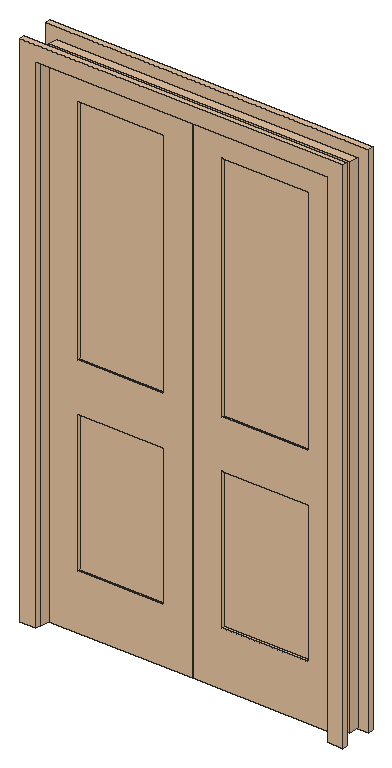
Revit family "M_Porta-Interna-Postiço-2-Duplo_Painel-Madeira", category Portas, Revit 2019
Family settings
  Hospedeiro = Parede
  Número OmniClass = 23.30.10.00
  Título OmniClass = Doors
  Sempre na vertical = Sim
  Corte com vazios quando carregada = Não
  Compartilhado = Não
  Ponto de cálculo do ambiente = Não
Parameters
  Visual Light Transmittance = 0
  Material da apara = Cerejeira
  Corrimão superior = 120 mm
  Espessura = 35 mm
  Resistência térmica (R) = 0.455703 (m²·K)/W
  Estilos = 120 mm
  Solar Heat Gain Coefficient = 0
  Rough Width = (Width * 2) + 50 mm  # 2450 mm
  Rough Height = Height + 115 mm  # 2215 mm
  Largura do painel = Width / 2  # 600 mm
  Painel aberto [instance] = no
  Material do painel = Cerejeira
  Bloquear corrimão = 200 mm
  Localização [instance] = if(Painel aberto, 25 mm, Largura do painel + 25 mm)  # 625 mm
  Height = 2100 mm
  Fechamento da parede = Por hospedeiro
  Width = 1200 mm
  Coeficiente de transferência de calor (U) = 2.19465 W/(m²·K)
  Função = Interior
  Material da moldura = Cerejeira
  Corrimão inferior = 230 mm
  Código de montagem = "C1020300"
  Construção analítica = "Madeira"
Reference planes
  plane 1 "Centro (Frente/Trás)": y = 0
  plane 2 "Centro (Esquerda/Direita)": x = 0
  plane 3 "Esquerda": x = -625.4
  plane 4 "Direita": x = 508
  plane 5 "Superior": z = 2125.4
  plane 6 "Exterior": y = 57.15
  plane 7 "Interior": y = -57.15
  plane 8 "Painel esquerdo da porta": x = -600
  plane 9 "Painel direito da porta": x = 625.4
  plane 10 "Topo do painel": z = 2100
  plane 11: z = 0
  plane 12: z = 0
  plane 13: x = 501.65
  plane 14: y = 19.05
  plane 15: y = -15.875
  plane 16: y = 17.5
  plane 17: z = 230
  plane 18: z = 1980
  plane 19: z = 814.4
  plane 20: z = 1014.4
  plane 21: z = 914.4
  plane 22: y = -17.5
  plane 23: y = -5.833
  plane 24: y = 5.833
  plane 25: x = 1225
  plane 26: x = 600
  plane 27: x = 600
  plane 28: x = 0
  plane 29: x = 480
  plane 30: x = 120
  plane 31: z = 1497.2
  plane 32: x = -1225
  plane 33: x = -600
  plane 34: x = 0
  plane 35: x = -480
  plane 36: x = -120
  plane 37: z = 0
Forms (mm)
  Sweep 1, solid, material "Cerejeira" <- "Material da moldura"
    path origin (25.4, 0, 0) x (1, 0, 0) y (0, 0, 1)
      loop
        line (600, 2125.4) -> (-650.8, 2125.4) -> (-650.8, 0)
    profile origin (-625.4, 0, 1062.7) x (0, -1, 0) y (1, 0, 0)
      loop
        line (-57.15, 0) -> (-17.5, 0) -> (-17.5, 25.4) -> (-57.15, 25.4) -> (-57.15, 0)
      loop
        line (57.15, 25.4) -> (17.5, 25.4) -> (17.5, 0) -> (57.15, 0) -> (57.15, 25.4)
  Sweep 2, solid, material "Cerejeira" <- "Material da apara", detail levels fine
    path origin (25.4, 57.15, 0) x (1, 0, 0) y (0, 0, 1)
      loop
        line (574.6, 0) -> (574.6, 2100) -> (-625.4, 2100) -> (-625.4, 0)
    profile "Perfil de caixa-plano : 20 x 65mm" origin (600, 57.15, 1050) x (-1, 0, 0) y (0, -1, 0)
      loop
        line (-6.35, -20) -> (-6.35, 0) -> (-71.35, 0) -> (-71.35, -20) -> (-6.35, -20)
  Sweep 3, solid, material "Cerejeira" <- "Material da apara", detail levels fine
    path origin (25.4, -57.15, 0) x (1, 0, 0) y (0, 0, 1)
      loop
        line (574.6, 0) -> (574.6, 2100) -> (-625.4, 2100) -> (-625.4, 0)
    profile "Perfil de caixa-plano : 20 x 65mm" origin (600, -57.15, 1050) x (-1, 0, 0) y (0, -1, 0)
      loop
        line (-6.35, 20) -> (-71.35, 20) -> (-71.35, 0) -> (-6.35, 0) -> (-6.35, 20)
  Extrusion 4, solid, material "Cerejeira" <- "Material do painel"
    sketch origin (914.4, 0, 0) x (1, 0, 0) y (0, 0, 1)
      loop
        line (-314.4, 2100) -> (-914.4, 2100) -> (-914.4, 0) -> (-314.4, 0) -> (-314.4, 2100)
      loop
        line (-434.4, 1980) -> (-794.4, 1980) -> (-794.4, 1014.4) -> (-434.4, 1014.4) -> (-434.4, 1980)
      loop
        line (-434.4, 814.4) -> (-794.4, 814.4) -> (-794.4, 230) -> (-434.4, 230) -> (-434.4, 814.4)
    from -17.5 to 17.5
  Extrusion 5, solid, material "Cerejeira" <- "Material do painel"
    sketch origin (25.4, 57.15, 0) x (1, 0, 0) y (0, 0, 1)
      loop
        line (454.6, 1980) -> (94.6, 1980) -> (94.6, 1014.4) -> (454.6, 1014.4) -> (454.6, 1980)
      loop
        line (454.6, 814.4) -> (94.6, 814.4) -> (94.6, 230) -> (454.6, 230) -> (454.6, 814.4)
    from 51.317 to 62.983
  Extrusion 6, void
    sketch origin (0, 0, 0) x (1, 0, 0) y (0, 1, 0)
      loop
        line (625.4, 20.675) -> (625.4, 57.15) -> (-625.4, 57.15) -> (-625.4, 20.675) -> (-1225, 20.675) -> (-1225, -20.675) -> (-625.4, -20.675) -> (-625.4, -57.15) -> (625.4, -57.15) -> (625.4, -20.675) -> (1225, -20.675) -> (1225, 20.675) -> (625.4, 20.675)
    from 0 to 2125.4
  Extrusion 7, solid, material "Cerejeira" <- "Material da moldura"
    sketch origin (25.4, 0, 0) x (1, 0, 0) y (0, 1, 0)
      loop
        line (574.6, 57.15) -> (574.6, 17.5) -> (600, 17.5) -> (600, 57.15) -> (574.6, 57.15)
      loop
        line (574.6, -17.5) -> (574.6, -57.15) -> (600, -57.15) -> (600, -17.5) -> (574.6, -17.5)
    from 0 to 2125.4
  Extrusion 8, solid, material "Cerejeira" <- "Material do painel"
    sketch origin (406.4, 0, 0) x (1, 0, 0) y (0, 0, 1)
      loop
        line (-406.4, 2100) -> (-1006.4, 2100) -> (-1006.4, 0) -> (-406.4, 0) -> (-406.4, 2100)
      loop
        line (-526.4, 1980) -> (-886.4, 1980) -> (-886.4, 1014.4) -> (-526.4, 1014.4) -> (-526.4, 1980)
      loop
        line (-526.4, 814.4) -> (-886.4, 814.4) -> (-886.4, 230) -> (-526.4, 230) -> (-526.4, 814.4)
    from -17.5 to 17.5
  Extrusion 9, solid, material "Cerejeira" <- "Material do painel"
    sketch origin (-558.8, 57.15, 0) x (1, 0, 0) y (0, 0, 1)
      loop
        line (438.8, 1980) -> (78.8, 1980) -> (78.8, 1014.4) -> (438.8, 1014.4) -> (438.8, 1980)
      loop
        line (438.8, 814.4) -> (78.8, 814.4) -> (78.8, 230) -> (438.8, 230) -> (438.8, 814.4)
    from 51.317 to 62.983
Cuts and joins
  joined: Sweep 1, Extrusion 7
Lines and regions (mm)
  Masking region 1
    outline origin (0, 0, 0) x (1, 0, 0) y (0, 1, 0)
      loop
        line (-625.4, 57.15) -> (-625.4, 17.5) -> (-600, 17.5) -> (-600, 57.15) -> (-625.4, 57.15)
      loop
        line (-625.4, -57.15) -> (-600, -57.15) -> (-600, -17.5) -> (-625.4, -17.5) -> (-625.4, -57.15)
      loop
        line (625.4, 57.15) -> (600, 57.15) -> (600, 17.5) -> (625.4, 17.5) -> (625.4, 57.15)
      loop
        line (625.4, -57.15) -> (625.4, -17.5) -> (600, -17.5) -> (600, -57.15) -> (625.4, -57.15)
  Masking region 2, detail levels fine
    outline origin (25.4, 0, 0) x (1, 0, 0) y (0, 1, 0)
      loop
        line (-696.75, 77.15) -> (-696.75, 57.15) -> (-631.75, 57.15) -> (-631.75, 77.15) -> (-696.75, 77.15)
      loop
        line (-696.75, -57.15) -> (-696.75, -77.15) -> (-631.75, -77.15) -> (-631.75, -57.15) -> (-696.75, -57.15)
      loop
        line (580.95, 77.15) -> (580.95, 57.15) -> (645.95, 57.15) -> (645.95, 77.15) -> (580.95, 77.15)
      loop
        line (580.95, -57.15) -> (580.95, -77.15) -> (645.95, -77.15) -> (645.95, -57.15) -> (580.95, -57.15)
  Masking region 3
    outline origin (819.15, 0, 0) x (1, 0, 0) y (0, 1, 0)
      loop
        line (-819.15, 17.5) -> (-819.15, -17.5) -> (-219.15, -17.5) -> (-219.15, 17.5) -> (-819.15, 17.5)
  Masking region 4
    outline origin (361.95, 0, 0) x (1, 0, 0) y (0, 1, 0)
      loop
        line (-961.95, 17.5) -> (-961.95, -17.5) -> (-361.95, -17.5) -> (-361.95, 17.5) -> (-961.95, 17.5)
  symbolic lines, style "Giro da planta"
    curve 1: line (-58.239, 57.15, 1512.094) -> (-7.439, 57.15, 1512.094)
    curve 2: line (76.2, 57.15, 1512.094) -> (58.239, 57.15, 1530.054)
    curve 3: line (58.239, 57.15, 1530.054) -> (58.239, 57.15, 1494.133)
    curve 4: line (76.2, 57.15, 1512.094) -> (58.239, 57.15, 1494.133)
    curve 11: line (-76.2, 57.15, 1512.094) -> (-58.239, 57.15, 1530.054)
    curve 12: line (-58.239, 57.15, 1530.054) -> (-58.239, 57.15, 1494.133)
    curve 13: line (-76.2, 57.15, 1512.094) -> (-58.239, 57.15, 1494.133)
    curve 14: line (7.439, 57.15, 1512.094) -> (58.239, 57.15, 1512.094)
  symbolic lines, style "Giro da planta", not visible
    curve 5: line (-54.26, 57.15, 1328.364) -> (-3.46, 57.15, 1328.364)
    curve 6: line (80.18, 57.15, 1328.364) -> (62.219, 57.15, 1346.324)
    curve 7: line (62.219, 57.15, 1346.324) -> (62.219, 57.15, 1310.403)
    curve 8: line (80.18, 57.15, 1328.364) -> (62.219, 57.15, 1310.403)
    curve 15: line (-72.22, 57.15, 1328.364) -> (-54.26, 57.15, 1346.324)
    curve 16: line (-54.26, 57.15, 1346.324) -> (-54.26, 57.15, 1310.403)
    curve 17: line (-72.22, 57.15, 1328.364) -> (-54.26, 57.15, 1310.403)
    curve 18: line (11.419, 57.15, 1328.364) -> (62.219, 57.15, 1328.364)
  symbolic lines, style "InvisibleLines"
    curve 9: line (0, 57.15, 1512.094) -> (0, 57.15, 1524.794)
  symbolic lines, style "InvisibleLines", not visible
    curve 10: line (3.98, 57.15, 1328.364) -> (3.98, 57.15, 1341.064)
Text (mm)
  text "Exterior" at (-1904.17, 693.701, 0), in view "Nível de referência"
  text "Interior" at (-1904.17, -638.649, 0), in view "Nível de referência"
  text "Exterior" at (0, 1019.848, 3124.603), in view "Direita"
  text "Interior" at (0, -1635.541, 3124.603), in view "Direita"
  text "Interior" at (0, -787.806, 3124.376), in view "Esquerda"
  text "Exterior" at (0, 1386.095, 3124.376), in view "Esquerda"
Dimensions and locks
  "Height": level to plane 10 "Topo do painel"
  "Corrimão superior": plane 18 to plane 10 "Topo do painel"
  "Bloquear corrimão": plane 19 to plane 20
  locked: plane 12 to plane 21 at 914.4
  equal spacing: plane 19, plane 21, plane 20
  "Corrimão inferior": plane 17 to plane 11
  "Espessura": plane 16 to plane 22
  equal spacing: plane 16, plane 24, plane 23, plane 22
  locked: plane 3 "Esquerda" to plane 8 "Painel esquerdo da porta" at 25.4
  plane 26 to plane 9 "Painel direito da porta" = 25.4 mm
  locked: plane 10 "Topo do painel" to plane 5 "Superior" at 25.4
  "Localização": plane 27 to plane 25
  "Largura do painel": plane 28 to plane 27
  "Estilos": plane 29 to plane 27
  "Estilos": plane 28 to plane 30
  equal spacing: plane 16, plane 1 "Centro (Frente/Trás)", plane 22
  equal spacing: plane 7 "Interior", plane 1 "Centro (Frente/Trás)", plane 6 "Exterior"
  locked: Extrusion 6 sketch curve to plane 16 at 3.175  (x2)
  locked: plane 22 to Extrusion 6 sketch curve at 3.175  (x2)
  equal spacing: plane 20, plane 31, plane 18
  "Localização": plane 32 to plane 33
  "Rough Width": plane 32 to plane 25
  equal spacing: plane 32, plane 2 "Centro (Esquerda/Direita)", plane 25
  "Largura do painel": plane 33 to plane 34
  "Estilos": plane 33 to plane 35
  "Estilos": plane 36 to plane 34
  "Width": plane 8 "Painel esquerdo da porta" to plane 26
  equal spacing: plane 8 "Painel esquerdo da porta", plane 2 "Centro (Esquerda/Direita)", plane 26
  plane 33 to plane 3 "Esquerda" = 25.4 mm
  plane 12 to plane 37 = 0 mm
  aligned and locked: plane 7 "Interior" to host wall
  aligned and locked: Sweep 1 sketch curve to plane 3 "Esquerda"
  aligned and locked: plane 11 to level
  aligned and locked: Sweep 2 sketch curve to plane 8 "Painel esquerdo da porta"
  aligned and locked: Sweep 2 sketch curve to plane 10 "Topo do painel"
  aligned and locked: plane 10 "Topo do painel" to Sweep 3 sketch curve
  aligned and locked: plane 8 "Painel esquerdo da porta" to Sweep 3 sketch curve
  aligned and locked: Masking region 1 sketch curve to plane 3 "Esquerda"
  aligned and locked: Masking region 1 sketch curve to plane 7 "Interior"
  aligned and locked: plane 6 "Exterior" to Masking region 1 sketch curve
  aligned and locked: Masking region 2 sketch curve to Sweep 2  (x6)
  aligned and locked: Masking region 2 sketch curve to plane 6 "Exterior"  (x2)
  aligned and locked: plane 7 "Interior" to Masking region 2 sketch curve  (x2)
  aligned and locked: Masking region 2 sketch curve to Sweep 3  (x6)
  aligned and locked: plane 20 to Extrusion 4 sketch curve
  aligned and locked: Extrusion 4 sketch curve to plane 19
  aligned and locked: Extrusion 5 sketch curve to plane 18
  aligned and locked: plane 20 to Extrusion 5 sketch curve
  aligned and locked: Extrusion 5 sketch curve to plane 19
  aligned and locked: plane 17 to Extrusion 5 sketch curve
  aligned and locked: Extrusion 5 to plane 24
  aligned and locked: Extrusion 4 to plane 16
  aligned and locked: Extrusion 5 to plane 23
  aligned and locked: Extrusion 4 to plane 22
  aligned and locked: Masking region 3 sketch curve to plane 22
  aligned and locked: Masking region 3 sketch curve to plane 16
  aligned and locked: Extrusion 6 sketch curve to plane 3 "Esquerda"
  aligned and locked: plane 6 "Exterior" to Extrusion 6 sketch curve
  aligned and locked: Extrusion 6 sketch curve to plane 7 "Interior"
  aligned and locked: Sweep 1 sketch curve to plane 5 "Superior"
  aligned and locked: plane 16 to Masking region 1 sketch curve  (x2)
  aligned and locked: plane 22 to Masking region 1 sketch curve  (x2)
  aligned and locked: Extrusion 7 sketch curve to plane 7 "Interior"
  aligned and locked: Extrusion 7 sketch curve to plane 16
  aligned and locked: plane 22 to Extrusion 7 sketch curve
  aligned and locked: Extrusion 7 to plane 5 "Superior"
  aligned and locked: Sweep 1 sketch curve to plane 8 "Painel esquerdo da porta"
  aligned and locked: plane 3 "Esquerda" to Sweep 1 sketch curve
  aligned and locked: plane 25 to Extrusion 6 sketch curve
  aligned and locked: plane 26 to Masking region 1 sketch curve  (x2)
  aligned and locked: Masking region 1 sketch curve to plane 9 "Painel direito da porta"  (x2)
  aligned and locked: Extrusion 7 sketch curve to plane 26  (x2)
  aligned and locked: plane 9 "Painel direito da porta" to Extrusion 7 sketch curve  (x2)
  aligned and locked: plane 9 "Painel direito da porta" to Extrusion 6 sketch curve  (x2)
  aligned and locked: plane 26 to Sweep 3 sketch curve
  aligned and locked: plane 26 to Sweep 2 sketch curve
  aligned and locked: Masking region 3 sketch curve to plane 28
  aligned and locked: plane 27 to Masking region 3 sketch curve
  aligned and locked: Extrusion 4 sketch curve to plane 27
  aligned and locked: plane 29 to Extrusion 4 sketch curve
  aligned and locked: Extrusion 4 sketch curve to Extrusion 4 sketch curve  (x2)
  aligned and locked: Extrusion 4 sketch curve to plane 30
  aligned and locked: plane 28 to Extrusion 4 sketch curve
  aligned and locked: plane 29 to Extrusion 5 sketch curve
  aligned and locked: Extrusion 5 sketch curve to plane 30
  aligned and locked: Extrusion 5 sketch curve to Extrusion 5 sketch curve  (x2)
  aligned and locked: Extrusion 6 to plane 5 "Superior"
  aligned and locked: Sweep 1 sketch curve to plane 6 "Exterior"
  aligned and locked: plane 7 "Interior" to Sweep 1 sketch curve
  aligned and locked: curve 9 to plane 2 "Centro (Esquerda/Direita)"
  aligned and locked: Extrusion 6 sketch curve to plane 32
  aligned and locked: Masking region 4 to plane 34
  aligned and locked: plane 33 to Masking region 4
  aligned and locked: Extrusion 8 sketch curve to Extrusion 8 sketch curve  (x2)
  aligned and locked: plane 34 to Extrusion 8 sketch curve
  aligned and locked: plane 36 to Extrusion 8 sketch curve
  aligned and locked: Extrusion 8 sketch curve to plane 35
  aligned and locked: Extrusion 8 sketch curve to plane 33
  aligned and locked: Extrusion 9 sketch curve to Extrusion 9 sketch curve  (x2)
  aligned and locked: plane 36 to Extrusion 9 sketch curve
  aligned and locked: Extrusion 9 sketch curve to plane 35
  aligned and locked: plane 20 to Extrusion 9 sketch curve
  aligned and locked: Extrusion 9 sketch curve to plane 19
  aligned and locked: plane 17 to Extrusion 9 sketch curve
  aligned and locked: Extrusion 9 sketch curve to plane 18
  aligned and locked: plane 24 to Extrusion 9
  aligned and locked: Extrusion 9 to plane 23
  aligned and locked: plane 16 to Sweep 1 sketch curve
  aligned and locked: plane 22 to Sweep 1 sketch curve
  aligned and locked: Extrusion 9 to plane 24
  aligned and locked: plane 23 to Extrusion 9
  aligned and locked: plane 24 to Extrusion 5
  aligned and locked: plane 23 to Extrusion 5
  aligned and locked: Extrusion 4 to Extrusion 8
  aligned and locked: Extrusion 8 to Extrusion 4
  aligned and locked: plane 37 to Extrusion 4 sketch curve
  aligned and locked: plane 37 to Extrusion 8 sketch curve
  aligned and locked: plane 12 to Sweep 2 sketch curve  (x2)
  aligned and locked: Extrusion 7 to level
  aligned and locked: plane 12 to Sweep 1 sketch curve
  aligned and locked: plane 12 to Sweep 3 sketch curve  (x2)
Automatic sketch dimensions
  Sweep 1 sketch curve to plane 9 "Painel direito da porta" = 0 mm
  Extrusion 4 sketch curve to plane 17 = 0 mm
  Extrusion 4 sketch curve to plane 18 = 0 mm
  Extrusion 4 sketch curve to plane 10 "Topo do painel" = 0 mm
  Extrusion 7 sketch curve to host wall = 0 mm
  Extrusion 8 sketch curve to plane 17 = 0 mm
  Extrusion 8 sketch curve to plane 19 = 0 mm
  Extrusion 8 sketch curve to plane 20 = 0 mm
  Extrusion 8 sketch curve to plane 18 = 0 mm
  Extrusion 8 sketch curve to plane 10 "Topo do painel" = 0 mm
  Extrusion 6 sketch curve to plane 3 "Esquerda" = 0 mm
  plane 8 "Painel esquerdo da porta" to Masking region 4 sketch curve = 0 mm
  Masking region 4 sketch curve to plane 2 "Centro (Esquerda/Direita)" = 0 mm
  Masking region 4 sketch curve to plane 22 = 0 mm
  Masking region 4 sketch curve to plane 16 = 0 mm
  curve 11 to curve 13 = 17.961 mm
  curve 1 to curve 1 = 50.8 mm
  curve 1 to curve 9 = 7.439 mm
  curve 9 to curve 14 = 7.439 mm
  curve 14 to curve 3 = 50.8 mm
  curve 14 to curve 2 = 17.961 mm  (x2)
  curve 13 to curve 3 = 0 mm
  curve 4 to curve 14 = 0 mm
  curve 1 to curve 14 = 0 mm
  curve 9 to curve 14 = 0 mm
  curve 11 to curve 1 = 0 mm
  curve 9 to curve 9 = 12.7 mm
  curve 15 to curve 17 = 17.961 mm
  curve 5 to curve 5 = 50.8 mm
  curve 5 to curve 10 = 7.439 mm
  curve 10 to curve 18 = 7.439 mm
  curve 18 to curve 7 = 50.8 mm
  curve 18 to curve 6 = 17.961 mm  (x2)
  curve 17 to curve 7 = 0 mm
  curve 8 to curve 18 = 0 mm
  curve 5 to curve 18 = 0 mm
  curve 10 to curve 18 = 0 mm
  curve 15 to curve 5 = 0 mm
  curve 10 to curve 10 = 12.7 mm
  Masking region 1 sketch curve to plane 8 "Painel esquerdo da porta" = 0 mm
  Masking region 1 sketch curve to host wall = 0 mm  (x2)
  Masking region 1 sketch curve to plane 3 "Esquerda" = 0 mm
  plane 8 "Painel esquerdo da porta" to Masking region 1 sketch curve = 0 mm
  Sweep 1 sketch curve to profile plane = 0 mm
  Sweep 1 sketch curve to Sweep 1 sketch curve = 25.4 mm
Types in the file's own list only (12): name | Transmissão de luz visual | Resistência térmica (R) | Coeficiente de ganho de calor solar | Largura bruta | Altura bruta | Largura do painel | Altura | Largura | Coeficiente de transferência de calor (U)
  1500 x 2000mm | 0 | 0.4557 (m²·K)/W | 0 | 3050 mm | 2115 mm | 750 mm | 2000 mm | 1500 mm | 2.1946 W/(m²·K)
  1600 x 2000mm | 0 | 0.4557 (m²·K)/W | 0 | 3250 mm | 2115 mm | 800 mm | 2000 mm | 1600 mm | 2.1946 W/(m²·K)
  1700 x 2000mm | 0 | 0.4557 (m²·K)/W | 0 | 3450 mm | 2115 mm | 850 mm | 2000 mm | 1700 mm | 2.1946 W/(m²·K)
  1800 x 2000mm | 0 | 0.4557 (m²·K)/W | 0 | 3650 mm | 2115 mm | 900 mm | 2000 mm | 1800 mm | 2.1946 W/(m²·K)
  1500 x 2100mm | 0 | 0.4557 (m²·K)/W | 0 | 3050 mm | 2215 mm | 750 mm | 2100 mm | 1500 mm | 2.1946 W/(m²·K)
  1600 x 2100mm | 0 | 0.4557 (m²·K)/W | 0 | 3250 mm | 2215 mm | 800 mm | 2100 mm | 1600 mm | 2.1946 W/(m²·K)
  1700 x 2100mm | 0 | 0.4557 (m²·K)/W | 0 | 3450 mm | 2215 mm | 850 mm | 2100 mm | 1700 mm | 2.1946 W/(m²·K)
  1800 x 2100mm | 0 | 0.4557 (m²·K)/W | 0 | 3650 mm | 2215 mm | 900 mm | 2100 mm | 1800 mm | 2.1946 W/(m²·K)
  1500 x 2400mm | 0 | 0.4557 (m²·K)/W | 0 | 3050 mm | 2515 mm | 750 mm | 2400 mm | 1500 mm | 2.1946 W/(m²·K)
  1600 x 2400mm | 0 | 0.4557 (m²·K)/W | 0 | 3250 mm | 2515 mm | 800 mm | 2400 mm | 1600 mm | 2.1946 W/(m²·K)
  1700 x 2400mm | 0 | 0.4557 (m²·K)/W | 0 | 3450 mm | 2515 mm | 850 mm | 2400 mm | 1700 mm | 2.1946 W/(m²·K)
  1800 x 2400mm | 0 | 0.4557 (m²·K)/W | 0 | 3650 mm | 2515 mm | 900 mm | 2400 mm | 1800 mm | 2.1946 W/(m²·K)
